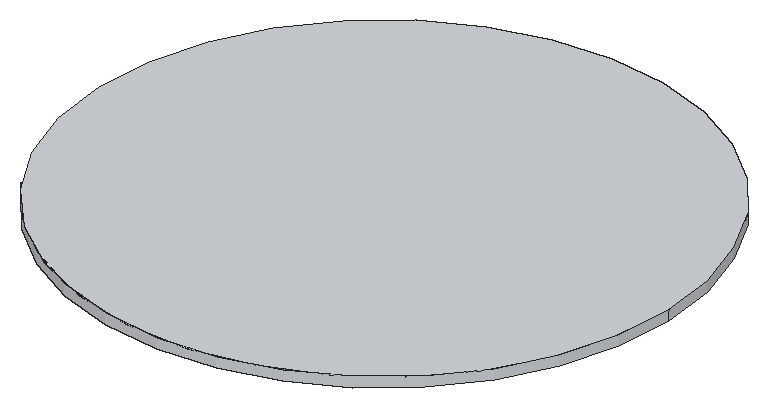
Revit family "CITY", category Lighting Fixtures, host Face, Revit 2023 (continued)
Types (10, lengths in mm): name | Radio | Photometric Web File | built-in parameter 1150142 | Manufacturer | LuxLight_Watios | LuxLight_Temperatura | LuxLight_Lumenes
    436584\r\n 186.221024 176.408478 165.045792 155.031754 143.901581 133.329483 123.113899 111.410172 101.1791 90.498482 79.414825 68.842712 57.852062 47.620991 37.839462 27.933926 19.516544 12.137772 5.875115 3.751393 2.712784 1.953205 1.472654\r\n 1.24013 1.162622 1.085114 1.100615 1.100615 1.178123 1.209127 1.271133 1.395146 1.410648 1.410648 1.565664 1.565664 1.596667 1.643172 1.705179 1.751684 1.798188 1.81369 1.81369 1.891198 2.015211 2.030713 2.139224 2.201231 2.263237\r\n 2.325244 2.356247 2.449256 2.495762 2.588771 2.619774 2.712784 2.805794 2.821296 2.914305 2.991813 3.022817 3.05382 3.084823 3.162331 3.193335 3.286344 3.363853 3.472364 3.518869 3.53437 3.62738 3.673885 3.735892 3.875406 3.983917\r\n 3.999419 4.076927 4.138934 4.061425 4.076927 4.154435 4.154435 4.185439 4.247445 4.29395 4.402461 4.402461 4.464468 4.464468 4.448967 4.448967 4.448967 4.526474 4.526474 4.526474 4.557477 4.603982 4.603982 4.634985 4.681491 4.712493\r\n 4.712493 4.7745 4.7745 4.805503 4.836507 4.852008 4.852008 4.852008 4.898513 4.929516 4.929516 4.929516 4.945018 4.96052 4.968271\r\n563.50531 562.95697 562.863953 562.398926 561.747864 561.050293 560.027161 558.864563 557.267883 555.624756 553.780029 551.70282 549.548035 547.191833 544.525574 541.750732 538.572937 535.596619 532.248291 528.512329 524.900513 521.009583\r\n 516.808655 512.499207 507.941711 503.291229 498.749237 493.230652 488.440674 483.35614 477.481018 471.683411 465.792786 459.824677 453.934052 447.144348 441.02121 434.417511 427.519287 420.574554 413.226807 406.04953 398.965302 390.749451\r\n 383.370667 374.937775 367.372986 359.234619 350.429718 341.96582 333.889465 324.402496 315.690582 306.389618 297.429657 288.748749 278.765717 269.51123 260.628815 250.692261 241.127762 230.29213 220.960144 211.194122 200.668533 190.607971\r\n 180.345886 169.587769 159.139679 148.056015 137.406387 127.34584 116.231178 105.612564 95.117966 83.739777 73.787727 62.90559 52.628014 43.063511 32.444901 23.515965 15.005572 6.882721 4.216442 2.991813 2.092719 1.503658 1.162622\r\n 1.038609 0.976602 1.023107 1.085114 1.100615 1.116117 1.14712 1.209127 1.348641 1.410648 1.410648 1.488156 1.503658 1.581166 1.658674 1.736182 1.751684 1.829192 1.875697 1.9067 1.953205 2.046214 2.092719 2.123723 2.170228 2.216732\r\n 2.340745 2.402752 2.433755 2.542266 2.588771 2.619774 2.712784 2.728286 2.821296 2.821296 2.929807 2.976312 3.022817 3.069322 3.162331 3.208836 3.23984 3.270843 3.363853 3.44136 3.456862 3.53437 3.658383 3.673885 3.689386 3.766895\r\n 3.8134 3.859904 3.921911 3.937413 4.014921 4.076927 4.138934 4.107931 4.169937 4.138934 4.138934 4.169937 4.231944 4.231944 4.262947 4.309452 4.324953 4.402461 4.448967 4.417963 4.479969 4.526474 4.572979 4.572979 4.603982 4.681491\r\n 4.696992 4.727995 4.758999 4.805503 4.836507 4.852008 4.852008 4.852008 4.852008 4.86751 4.898513 4.929516 4.945018 4.968271\r\n563.50531 563.546021 563.406494 563.018982 562.47644 561.778809 560.724792 559.500122 558.166992 556.61676 554.803101 552.617432 550.400696 548.214905 545.47113 542.866882 539.751099 536.542236 533.379883 529.628479 526.06311 522.420227\r\n 518.033264 513.69281 509.135345 504.686401 499.958374 494.811859 489.649811 484.658295 478.674652 473.187103 467.218964 461.421326 455.267212 448.741028 442.648895 436.200226 429.177948 422.341736 414.730469 407.847717 400.794495\r\n 392.640625 385.106842 377.04599 369.434692 361.482361 352.584442 344.30658 336.168213 326.774231 318.046814 308.900879 299.925446 291.322021 281.447479 272.255035 263.403595 253.110519 243.933563 233.562973 224.261993 214.635498 203.908356\r\n 194.54538 184.670853 174.145248 163.898666 153.063034 142.72345 132.786911 121.439728 111.44117 100.931076 89.645889 79.802361 69.013229 58.828663 48.861118 38.800568 30.011145 21.314734 13.238387 7.270261 3.983917 2.852299 2.015211\r\n 1.348641 1.162622 1.100615 1.162622 1.178123 1.178123 1.24013 1.271133 1.395146 1.472654 1.519159 1.565664 1.581166 1.627671 1.689677 1.751684 1.751684 1.798188 1.829192 1.891198 1.953205 2.030713 2.092719 2.123723 2.185729 2.216732\r\n 2.278739 2.402752 2.433755 2.449256 2.588771 2.650778 2.666279 2.681781 2.759289 2.852299 2.96081 3.022817 3.069322 3.162331 3.14683 3.224338 3.317348 3.317348 3.363853 3.425859 3.503367 3.596377 3.62738 3.735892 3.751393 3.782396\r\n 3.859904 3.906409 3.968416 4.014921 4.061425 4.107931 4.138934 4.154435 4.169937 4.216442 4.29395 4.309452 4.402461 4.448967 4.464468 4.464468 4.495471 4.634985 4.696992 4.696992 4.712493 4.758999 4.790002 4.805503 4.852008 4.86751\r\n 4.929516 4.929516 4.898513 4.929516 4.945018 4.898513 4.96052 4.96052 5.007024 5.022526 5.038028 5.022526 5.084533 5.022526 4.968271\r\n563.50531 563.902588 563.763062 563.360046 562.879456 561.980408 561.003784 559.887634 558.290955 556.864868 555.004639 552.911926 550.85022 548.540466 545.95166 543.192383 540.107605 536.929749 533.906982 530.078064 526.683167 522.714722\r\n 518.575806 514.188904 509.646912 504.996429 500.531921 495.199371 490.238861 485.293854 479.666748 473.977661 467.978546 462.165436 456.073303 449.547089 443.268951 437.006287 430.09256 423.349335 416.12561 408.948334 401.709076 393.865265\r\n 386.672516 378.255157 370.426819 362.784515 353.917572 345.329681 337.346344 328.246887 319.596985 310.451019 301.522095 292.949707 283.152649 274.394257 265.124268 254.92421 245.762756 235.190643 225.781158 216.015121 205.117477\r\n 195.196442 185.476944 174.548294 164.782257 154.163666 143.917068 134.213074 123.113899 113.45639 103.333824 92.312172 82.778671 72.609604 62.9986 53.651123 44.133125 35.700241 27.298361 19.129005 12.075766 6.061135 3.704888 2.759289\r\n 1.875697 1.488156 1.33314 1.33314 1.348641 1.317638 1.348641 1.410648 1.472654 1.488156 1.581166 1.627671 1.705179 1.736182 1.751684 1.860195 1.937703 1.9067 1.937703 2.030713 2.108221 2.123723 2.185729 2.29424 2.356247 2.418253 2.495762\r\n 2.57327 2.619774 2.650778 2.743788 2.666279 2.712784 2.821296 2.898804 2.96081 2.991813 3.069322 3.14683 3.193335 3.224338 3.286344 3.379354 3.425859 3.503367 3.596377 3.673885 3.689386 3.704888 3.8134 3.844403 3.875406 3.937413 3.983917\r\n 4.014921 4.076927 4.138934 4.216442 4.231944 4.324953 4.38696 4.402461 4.38696 4.448967 4.464468 4.495471 4.557477 4.603982 4.634985 4.650487 4.727995 4.681491 4.712493 4.712493 4.696992 4.790002 4.7745 4.790002 4.805503 4.790002\r\n 4.852008 4.86751 4.929516 4.96052 5.007024 4.96052 4.991523 4.96052 5.007024 5.084533 5.038028 5.022526 4.968271\r\n563.50531 567.126953 567.157959 566.630859 566.134827 565.437256 564.538147 563.499512 562.026917 560.569702 558.911011 556.895874 554.942688 552.601929 549.920105 547.424377 544.231018 541.192688 538.076904 534.387451 531.008179 527.163757\r\n 523.102295 519.164856 514.421387 510.220459 505.492462 500.345917 495.354401 490.238861 484.68927 479.511719 473.1716 467.606476 461.839905 455.158691 449.113068 442.741882 435.735168 429.45697 421.861176 415.056 407.816711 399.786896\r\n 392.640625 384.951843 376.844482 368.93866 360.025208 352.088409 344.012054 334.742065 326.464203 316.481171 307.846771 298.623291 288.888275 279.463257 270.363831 260.33429 250.692261 240.213165 230.80368 220.929153 210.496552 200.498016\r\n 190.700974 180.051361 169.820297 159.201675 148.986115 139.669632 128.554977 118.27739 108.542374 97.412209 87.677185 77.182587 67.308052 58.022579 47.91552 39.234612 30.972244 23.004412 16.199198 9.409486 5.007024 3.394856 2.418253\r\n 1.751684 1.317638 1.085114 1.038609 1.069612 1.100615 1.069612 1.023107 1.085114 1.116117 1.162622 1.209127 1.271133 1.317638 1.348641 1.426149 1.488156 1.519159 1.596667 1.689677 1.736182 1.798188 1.860195 1.937703 2.030713 2.092719\r\n 2.123723 2.201231 2.263237 2.325244 2.402752 2.449256 2.57327 2.57327 2.619774 2.681781 2.759289 2.821296 2.883302 2.976312 2.991813 3.069322 3.162331 3.23984 3.348351 3.394856 3.44136 3.53437 3.658383 3.689386 3.673885 3.751393 3.766895\r\n 3.859904 3.875406 3.983917 4.045924 4.045924 4.107931 4.185439 4.247445 4.216442 4.29395 4.324953 4.402461 4.371458 4.464468 4.495471 4.557477 4.634985 4.603982 4.634985 4.681491 4.727995 4.7745 4.7745 4.805503 4.852008 4.727995 4.727995\r\n 4.805503 4.790002 4.852008 4.86751 4.86751 4.898513 4.898513 4.898513 4.929516 4.96052 4.945018 4.968271\r\n563.50531 563.592529 563.406494 563.143005 562.553955 561.856323 560.895264 559.562134 558.244446 556.756348 555.020142 552.896423 550.896729 548.66449 545.998169 543.424927 540.371155 537.317261 534.185974 530.496582 527.163757 523.241821\r\n 519.211365 515.056946 510.65451 506.267548 501.710052 496.47049 491.6185 486.471954 480.999878 475.667328 469.606201 463.777588 458.026489 451.608795 445.625183 439.083496 432.402313 425.643585 418.404327 411.459625 404.530396 396.640076\r\n 388.997772 381.743011 373.356628 365.79184 357.312439 349.174103 340.942749 331.362732 322.991852 313.163818 304.405396 295.305939 285.586395 276.238922 267.185974 257.140961 247.529938 237.43837 227.641342 217.766815 207.427231 197.893738\r\n 187.740173 177.168076 166.967987 156.90744 146.769379 136.64682 126.059204 115.921143 106.10862 94.978447 85.243431 74.035759 64.378242 54.829247 44.241634 35.204189 27.298361 19.237516 12.633823 7.084242 3.999419 2.929807 2.046214\r\n 1.503658 1.14712 1.14712 1.069612 1.085114 1.085114 1.100615 1.100615 1.14712 1.24013 1.209127 1.286635 1.379645 1.472654 1.472654 1.410648 1.519159 1.643172 1.658674 1.705179 1.891198 1.968706 2.030713 2.092719 2.170228 2.139224\r\n 2.185729 2.29424 2.340745 2.371748 2.449256 2.495762 2.588771 2.666279 2.681781 2.743788 2.883302 2.883302 2.914305 2.991813 3.069322 3.115826 3.14683 3.23984 3.348351 3.394856 3.44136 3.596377 3.62738 3.704888 3.766895 3.844403 3.859904\r\n 3.921911 3.999419 4.061425 4.138934 4.169937 4.216442 4.216442 4.262947 4.324953 4.309452 4.38696 4.417963 4.464468 4.541976 4.541976 4.634985 4.634985 4.681491 4.712493 4.712493 4.758999 4.7745 4.790002 4.852008 4.852008 4.758999\r\n 4.727995 4.758999 4.790002 4.7745 4.805503 4.805503 4.852008 4.852008 4.898513 4.86751 4.929516 4.929516 4.968271\r\n563.50531 562.429871 562.212891 561.778809 561.189758 560.352722 559.236572 558.10498 556.508301 555.004639 553.128967 551.036255 548.927979 546.726807 544.060486 541.223694 538.309387 535.193604 531.891724 528.233337 524.745483 520.83905\r\n 516.777649 512.747192 507.972717 503.585754 498.966278 493.866272 488.890198 483.805695 478.163116 472.815033 466.629883 461.250854 455.2052 448.787537 442.586884 436.417206 429.255493 422.806824 415.319519 408.483276 401.600586 393.167694\r\n 386.145477 378.410156 370.225281 362.179932 353.762573 345.48468 337.516876 328.696411 319.953522 310.792053 301.847626 293.120209 283.013153 274.006714 264.519714 254.36615 244.832657 234.710098 224.882065 215.550079 204.807449 195.227463\r\n 185.662949 174.672302 164.983795 154.256653 143.994598 134.151047 122.710854 112.774315 102.233215 91.258057 80.794472 69.943329 60.177307 50.473286 40.753769 31.979851 23.981012 15.765152 9.130457 4.572979 3.348351 2.356247 1.627671\r\n 1.178123 1.100615 1.069612 1.085114 1.085114 1.085114 1.085114 1.116117 1.14712 1.162622 1.24013 1.286635 1.410648 1.426149 1.503658 1.581166 1.643172 1.658674 1.736182 1.829192 1.875697 1.937703 2.046214 2.123723 2.170228 2.216732\r\n 2.263237 2.356247 2.449256 2.495762 2.526765 2.588771 2.619774 2.712784 2.759289 2.805794 2.914305 2.976312 3.05382 3.084823 3.14683 3.193335 3.270843 3.363853 3.425859 3.503367 3.53437 3.611878 3.673885 3.751393 3.844403 3.906409\r\n 3.921911 4.014921 4.076927 4.076927 4.138934 4.185439 4.247445 4.309452 4.324953 4.371458 4.417963 4.495471 4.526474 4.541976 4.572979 4.603982 4.650487 4.712493 4.7745 4.790002 4.852008 4.805503 4.836507 4.836507 4.852008 4.805503\r\n 4.805503 4.836507 4.852008 4.86751 4.852008 4.86751 4.929516 4.929516 4.991523 5.022526 5.038028 5.038028 5.084533 4.968271\r\n563.50531 562.119873 561.763367 561.220764 560.600708 559.639648 558.290955 557.221436 555.624756 553.981567 552.012878 549.904602 547.641357 545.378113 542.572327 539.689026 536.604187 533.36438 530.155518 526.466187 522.730225 518.823853\r\n 514.669373 510.406464 505.600983 501.260529 496.532532 491.447998 486.239441 480.968872 475.326294 470.009247 463.777588 457.917969 452.213379 445.702698 439.269531 433.115387 425.814117 419.411957 411.661133 404.917908 397.632172\r\n 389.865875 382.285553 374.53476 366.272369 358.211548 349.654633 341.361267 333.284912 324.014923 315.799072 306.219086 297.8172 288.872772 279.37027 270.62735 261.822449 251.62236 242.646927 232.431351 223.378403 213.68988 203.598328\r\n 193.863312 184.577835 173.742203 164.069199 153.435089 143.297012 133.546494 122.230309 112.340271 102.000687 91.118546 80.716957 69.834816 60.006786 50.256264 39.296616 29.561598 20.632662 11.858743 5.813109 4.061425 2.914305 2.092719\r\n 1.503658 1.255632 1.14712 1.100615 1.162622 1.209127 1.209127 1.24013 1.255632 1.255632 1.348641 1.395146 1.426149 1.488156 1.519159 1.596667 1.689677 1.736182 1.736182 1.798188 1.860195 1.891198 2.015211 2.015211 2.139224 2.263237\r\n 2.340745 2.371748 2.433755 2.495762 2.542266 2.619774 2.712784 2.743788 2.821296 2.852299 2.914305 2.96081 3.05382 3.115826 3.131328 3.208836 3.270843 3.317348 3.363853 3.456862 3.53437 3.611878 3.658383 3.704888 3.735892 3.782396\r\n 3.844403 3.875406 3.968416 3.999419 4.061425 4.061425 4.185439 4.169937 4.247445 4.324953 4.402461 4.448967 4.417963 4.541976 4.557477 4.557477 4.634985 4.603982 4.572979 4.557477 4.634985 4.634985 4.526474 4.526474 4.541976 4.572979\r\n 4.572979 4.603982 4.712493 4.696992 4.712493 4.758999 4.7745 4.727995 4.790002 4.790002 4.790002 4.805503 4.805503 4.945018 4.968271\r\n563.50531 562.336914 561.902893 561.267273 560.492188 559.639648 558.32196 557.066345 555.175171 553.438965 551.563293 549.315552 546.881836 544.510071 541.62677 538.774475 535.441589 532.217285 528.868896 524.916016 521.180115 517.21167\r\n 512.824707 508.468781 503.77179 499.260803 494.39328 489.107239 483.99173 478.581635 472.861542 467.172455 461.033813 455.236206 449.190552 442.633392 436.122681 429.782532 422.450256 415.521057 408.157745 400.934021 393.818756 385.78894\r\n 378.022614 370.488831 362.164429 354.103607 345.562195 337.175842 328.959961 319.612488 311.288116 301.646118 293.244232 284.191284 274.688782 265.899353 256.505371 246.212296 237.128342 227.1763 217.580795 207.892273 197.816223 187.91069\r\n 178.547714 168.20813 158.659119 147.76149 138.119461 127.888397 117.161278 106.790695 96.776642 85.398453 75.492912 64.161224 54.348694 44.846199 34.212086 25.345156 16.850266 9.34748 5.084533 3.596377 2.666279 1.937703 1.472654 1.255632\r\n 1.178123 1.100615 1.116117 1.14712 1.209127 1.255632 1.286635 1.33314 1.395146 1.488156 1.426149 1.503658 1.581166 1.596667 1.705179 1.81369 1.875697 1.968706 2.108221 2.201231 2.263237 2.29424 2.356247 2.371748 2.418253 2.449256\r\n 2.57327 2.542266 2.619774 2.728286 2.759289 2.821296 2.883302 2.898804 2.96081 3.05382 3.05382 3.14683 3.208836 3.224338 3.270843 3.317348 3.363853 3.472364 3.518869 3.549872 3.611878 3.673885 3.704888 3.782396 3.844403 3.906409 3.999419\r\n 4.014921 4.076927 4.107931 4.185439 4.169937 4.247445 4.247445 4.309452 4.29395 4.371458 4.402461 4.479969 4.526474 4.572979 4.464468 4.495471 4.479969 4.526474 4.541976 4.603982 4.603982 4.650487 4.681491 4.696992 4.712493 4.790002\r\n 4.805503 4.852008 4.852008 4.86751 4.852008 4.898513 4.86751 4.898513 4.852008 4.898513 4.86751 4.968271\r\n" | "" | 20 W | 3000 K | 1550 lm
